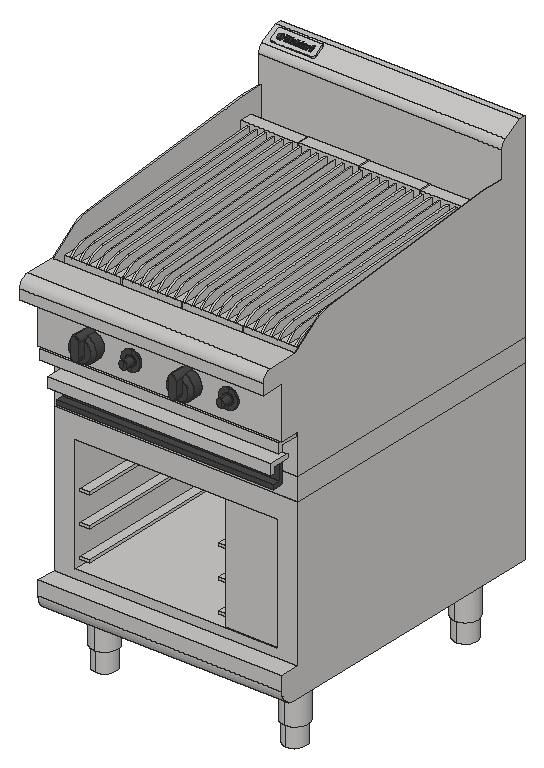
Revit family "QF_MOFFAT WALDORF_CH8600G-CB", category Specialty Equipment, Revit 2012 (continued)
Automatic sketch dimensions
  Revolve 48 sketch curve to Revolve 48 sketch curve = 100 mm
  Revolve 49 sketch curve to level = 0 mm
  level to Revolve 49 sketch curve = 50 mm
  Revolve 49 sketch curve to plane 5 "FRONT" = 148.25 mm
  Revolve 49 sketch curve to Revolve 49 sketch curve = 4.25 mm
  Revolve 49 sketch curve to Revolve 49 sketch curve = 27.5 mm  (x2)
  Revolve 49 sketch curve to Revolve 49 sketch curve = 55 mm
  Revolve 49 sketch curve to Revolve 49 sketch curve = 0 mm
  Revolve 49 sketch curve to Revolve 49 sketch curve = 100 mm
  Revolve 50 sketch curve to level = 0 mm
  level to Revolve 50 sketch curve = 50 mm
  plane 1 "BACK" to Revolve 50 sketch curve = 131.75 mm
  Revolve 50 sketch curve to Revolve 50 sketch curve = 4.25 mm
  Revolve 50 sketch curve to Revolve 50 sketch curve = 27.5 mm  (x2)
  Revolve 50 sketch curve to Revolve 50 sketch curve = 100 mm
  Revolve 50 sketch curve to Revolve 50 sketch curve = 0 mm
  Revolve 50 sketch curve to Revolve 50 sketch curve = 55 mm
  Revolve 51 sketch curve to level = 0 mm
  level to Revolve 51 sketch curve = 50 mm
  Revolve 51 sketch curve to plane 5 "FRONT" = 148.25 mm
  Revolve 51 sketch curve to Revolve 51 sketch curve = 4.25 mm
  Revolve 51 sketch curve to Revolve 51 sketch curve = 27.5 mm  (x2)
  Revolve 51 sketch curve to Revolve 51 sketch curve = 100 mm
  Revolve 51 sketch curve to Revolve 51 sketch curve = 0 mm
  Revolve 51 sketch curve to Revolve 51 sketch curve = 55 mm
  Extrusion 1 sketch curve to Extrusion 1 sketch curve = 54.206 mm
  Extrusion 52 sketch curve to plane 1 "BACK" = 0 mm
  Extrusion 52 sketch curve to plane 5 "FRONT" = 94 mm
  Extrusion 52 sketch curve to Extrusion 52 sketch curve = 38 mm
  level to Extrusion 52 sketch curve = 150 mm
  Extrusion 52 sketch curve to Extrusion 52 sketch curve = 34.5 mm
  curve 62 to plane 3 "LEFT" = 0 mm
  curve 64 to plane 5 "FRONT" = 100 mm
  curve 62 to plane 4 "RIGHT" = 0 mm
  curve 62 to curve 63 = 0 mm
  plane 1 "BACK" to Extrusion 53 sketch curve = 0 mm
  plane 3 "LEFT" to Extrusion 53 sketch curve = 150 mm
  plane 1 "BACK" to Extrusion 53 sketch curve = 39 mm
  Extrusion 53 sketch curve to plane 7 "Center Y" = 20 mm
  Extrusion 53 sketch curve to Extrusion 53 sketch curve = 48 mm  (x2)
  plane 1 "BACK" to Extrusion 52 sketch curve = 143 mm
  Extrusion 52 sketch curve to Extrusion 52 sketch curve = 362.5 mm
  radius of Extrusion 37 sketch curve = 13.5 mm
Nested families
  nested 1: "WALDORF LOGO_FACE BASE" at (12.5, -21.284, 1127.238) x (1, 0, 0) z (0, -0.5, 0.866), visible <- "Show Logo", type "WALDORF LOGO_FACE BASE", detail levels medium+fine
    with Show Logo yes
Connectors
  piping at (215, -32, 555)
    settings: on Extrusion 37, index 1, connector radius 0.37402", flow factor 0, pipe flow 0 GPM, pressure drop 0.00 psi, fitting loss kfactor 0, connector angle 0.00°, fixture units 0, engagement length 0 mm, flow configuration 1, flow direction 1, fitting loss method 0, system type 7, joint type 0, gender type 0, connector reference index -1, connector utility 0, adjustable connector no, is connector primary yes, fitting loss table "", connector description "GAS CONNECTION"
Definition of nested family "WALDORF LOGO_FACE BASE"
  Parameters (values of type "WALDORF LOGO_FACE BASE")
    Show Logo [instance] = yes
    Default Elevation = 1219.2 mm
  Reference planes
    plane 1 "Center (Front/Back)": y = 0
    plane 2: z = 0
    plane 3 "Center (Left/Right)": x = 0
  Forms (mm)
    Extrusion 1, solid
      sketch origin (0, 0, 0) x (1, 0, 0) y (0, 1, 0)
        loop
          line (-1219.2, 1219.2) -> (-1219.2, -1219.2) -> (1219.2, -1219.2) -> (1219.2, 1219.2) -> (-1219.2, 1219.2)
      from 0 to -304.8
    Extrusion 2, solid, material "QF_Finishes_Stainless Steel", visible <- "Show Logo"
      sketch origin (0, -33.217, 0) x (1, 0, 0) y (0, 1, 0)
        loop
          arc (5, 34.14) -> (1.464, 32.676) -> (0, 29.14) r 5
          line (0, 29.14) -> (0, 5)
          arc (0, 5) -> (1.464, 1.464) -> (5, 0) r 5
          line (5, 0) -> (104, 0)
          arc (104, 0) -> (107.536, 1.464) -> (109, 5) r 5
          line (109, 5) -> (109, 29.14)
          arc (109, 29.14) -> (107.536, 32.676) -> (104, 34.14) r 5
          line (104, 34.14) -> (5, 34.14)
      from 0 to 1.588
    Extrusion 3, solid, material "QF_Finishes_Black", visible <- "Show Logo"
      sketch origin (0, -33.217, 1.588) x (1, 0, 0) y (0, 1, 0)
        loop
          line (24.772, 23.214) -> (27.992, 10.301) -> (31.551, 10.301) -> (33.443, 17.364) -> (35.205, 10.301) -> (39.332, 10.301) -> (42.077, 23.214) -> (38.352, 23.214) -> (36.676, 15.33) -> (35, 23.214) -> (31.752, 23.214) -> (30.076, 15.33) -> (28.4, 23.214) -> (24.772, 23.214)
        loop
          line (42.272, 17.055) -> (45.703, 17.055)
          spline (45.703, 17.055) -> (45.741, 17.285) -> (45.852, 17.499) -> (46.028, 17.682) -> (46.258, 17.823) -> (46.526, 17.912) -> (46.813, 17.942) -> (47.1, 17.912) -> (47.368, 17.823) -> (47.597, 17.682) -> (47.774, 17.499) -> (47.884, 17.285) -> (47.922, 17.055)
          line (47.922, 17.055) -> (47.922, 16.222)
          arc (47.922, 16.222) -> (45.742, 16.014) -> (43.665, 15.317) r 9.604
          arc (43.665, 15.317) -> (41.924, 12.809) -> (43.665, 10.301) r 2.677
          arc (43.665, 10.301) -> (45.527, 10.353) -> (47.332, 10.816) r 8.365
          line (47.332, 10.816) -> (48.092, 11.105) -> (48.092, 10.301) -> (51.817, 10.301) -> (51.817, 17.055)
          spline (51.817, 17.055) -> (51.654, 17.821) -> (51.178, 18.535) -> (50.419, 19.148) -> (49.431, 19.619) -> (48.28, 19.914) -> (47.044, 20.015) -> (45.809, 19.914) -> (44.658, 19.619) -> (43.67, 19.148) -> (42.911, 18.535) -> (42.434, 17.821) -> (42.272, 17.055)
        loop
          line (53.151, 23.214) -> (53.151, 10.301) -> (57.37, 10.301) -> (57.37, 23.214) -> (53.151, 23.214)
        loop
          line (64.874, 23.214) -> (64.874, 18.857)
          arc (64.874, 18.857) -> (58.083, 15.11) -> (64.874, 11.363) r 4.429
          line (64.874, 11.363) -> (64.874, 10.301) -> (68.378, 10.301) -> (68.378, 23.214) -> (64.874, 23.214)
        loop
          arc (64.874, 16.083) -> (61.41, 14.987) -> (64.874, 13.891) r 1.905
          line (64.874, 13.891) -> (64.874, 16.083)
        loop
          circle (74.623, 15.223) r 5
        loop
          spline (74.623, 17.856) -> (74.355, 17.766) -> (74.105, 17.503) -> (73.891, 17.084) -> (73.726, 16.539) -> (73.623, 15.904) -> (73.588, 15.223) -> (73.623, 14.541) -> (73.726, 13.906) -> (73.891, 13.361) -> (74.105, 12.942) -> (74.355, 12.679) -> (74.623, 12.59)
          spline (74.623, 12.59) -> (74.891, 12.679) -> (75.141, 12.942) -> (75.355, 13.361) -> (75.52, 13.906) -> (75.623, 14.541) -> (75.659, 15.223) -> (75.623, 15.904) -> (75.52, 16.539) -> (75.355, 17.084) -> (75.141, 17.503) -> (74.891, 17.766) -> (74.623, 17.856)
        loop
          line (81.255, 19.813) -> (81.255, 10.301) -> (84.834, 10.301) -> (84.834, 14.176)
          arc (84.834, 14.176) -> (85.854, 16.093) -> (88.013, 16.32) r 2.313
          line (88.013, 16.32) -> (88.013, 19.813) -> (87.161, 19.813)
          arc (87.161, 19.813) -> (85.526, 19.266) -> (84.549, 17.844) r 2.717
          line (84.549, 17.844) -> (84.549, 19.813) -> (81.255, 19.813)
        loop
          line (90.249, 19.813) -> (88.91, 19.813) -> (88.91, 17.614) -> (90.249, 17.614) -> (90.249, 10.301) -> (93.998, 10.301) -> (93.998, 17.614) -> (95.418, 17.614) -> (95.418, 19.813) -> (93.998, 19.813)
          arc (93.998, 19.813) -> (94.414, 20.817) -> (95.418, 21.233) r 1.42
          line (95.418, 21.233) -> (95.418, 23.602) -> (93.317, 23.602)
          arc (93.317, 23.602) -> (91.343, 22.903) -> (90.249, 21.118) r 3.137
          line (90.249, 21.118) -> (90.249, 19.813)
        loop
          arc (15.241, 23.571) -> (8.392, 16.525) -> (15.241, 9.479) r 7.049
          line (15.241, 9.479) -> (15.241, 23.571)
        loop
          line (15.641, 23.571) -> (15.641, 9.479)
          arc (15.641, 9.479) -> (22.49, 16.525) -> (15.641, 23.571) r 7.049
        loop
          arc (47.922, 14.711) -> (46.266, 13.749) -> (47.922, 12.787) r 1.107
          line (47.922, 12.787) -> (47.922, 14.711)
      from 0 to 0.2
  Dimensions and locks
    aligned and locked: plane 2 to Extrusion 1
    aligned and locked: level to Extrusion 1
